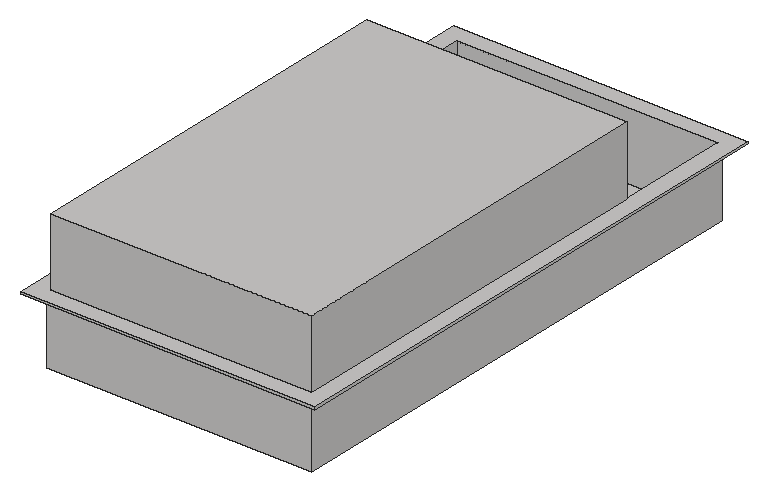
Revit family "RBA BIM - B3644", category Specialty Equipment, host Face, Revit 2013
Parameters (values of type "B-3644")
  Wall Recessed Depth [instance] = 0.100013 m
  URL = "www.rba.com.au"
  Product Page URL = ""
  Product Name = "Recessed Waste Receptacle"
  Model = "B-3644 Series"
  Manufacturer = "RBA Group"
  Keynote = "10 28 00.A1"
  Frame Material = Stainless Steel-Bobrick-Satin
  Default Elevation = 1.0668 m
  Assembly Code = "C1030210"
  ADA Compliant = yes
Reference planes (m)
  plane 1 "Center (Front/Back)": y = 0
  plane 2: z = 0
  plane 3 "Center (Left/Right)": x = 0
  plane 4: z = -0.100012
  plane 5: x = -0.192881
  plane 6: x = 0.192881
  plane 7: y = -0.752475
  plane 8: x = 0.218281
  plane 9: y = 0.0254
  plane 10: x = -0.218281
  plane 11: y = -0.777875
  plane 12: z = 0.003175
  plane 13: x = -0.196056
  plane 14: y = -0.75565
  plane 15: y = 0.003175
  plane 16: x = 0.196056
  plane 17: z = -0.096838
  plane 18: y = -0.168275
  plane 19: z = 0.104775
  plane 20: z = 0.1016
  plane 21: x = 0.189706
  plane 22: x = -0.189706
  plane 23: z = -0.093663
  plane 24: y = -0.7493
Forms (m)
  Extrusion 1, void
    sketch origin (0, 0, 0) x (1, 0, 0) y (0, 1, 0)
      loop
        line (-0.196056, 0.003175) -> (-0.196056, -0.75565) -> (0.196056, -0.75565) -> (0.196056, 0.003175) -> (-0.196056, 0.003175)
    from -0.100012 to 0
  Sweep 2, solid, material "Stainless Steel-Bobrick-Satin" <- "Frame Material"
    path origin (0, 0, 0) x (1, 0, 0) y (0, 1, 0)
      loop
        line (-0.192881, 0) -> (-0.192881, -0.752475) -> (0.192881, -0.752475) -> (0.192881, 0) -> (-0.192881, 0)
    profile origin (-0.192881, -0.376238, 0) x (-1, 0, 0) y (0, 0, 1)
      loop
        line (0.0254, 0.003175) -> (0, 0.003175) -> (0, -0.100012) -> (0.003175, -0.100012) -> (0.003175, 0) -> (0.0254, 0) -> (0.0254, 0.003175)
  Extrusion 3, solid, material "Stainless Steel-Bobrick-Satin" <- "Frame Material"
    sketch origin (0, 0, 0) x (1, 0, 0) y (0, 0, 1)
      loop
        line (0.192881, -0.100012) -> (0.192881, -0.096838) -> (-0.192881, -0.096838) -> (-0.192881, -0.100012) -> (0.192881, -0.100012)
    from 0 to 0.752475
  Extrusion 4, solid, material "Stainless Steel-Bobrick-Satin" <- "Frame Material"
    sketch origin (0, 0, 0) x (1, 0, 0) y (0, 0, 1)
      loop
        line (0.192881, 0.104775) -> (-0.192881, 0.104775) -> (-0.192881, -0.096838) -> (0.192881, -0.096838) -> (0.192881, 0.104775)
      loop
        line (0.189706, 0.1016) -> (-0.189706, 0.1016) -> (-0.189706, -0.093663) -> (0.189706, -0.093663) -> (0.189706, 0.1016)
    from 0.168275 to 0.752475
  Extrusion 5, solid, material "Stainless Steel-Bobrick-Satin" <- "Frame Material"
    sketch origin (0, 0, 0) x (1, 0, 0) y (0, 1, 0)
      loop
        line (-0.189706, -0.7493) -> (-0.189706, -0.752475) -> (0.189706, -0.752475) -> (0.189706, -0.7493) -> (-0.189706, -0.7493)
    from -0.093663 to 0.1016
Cuts and joins
  joined: Sweep 2, Extrusion 3
  joined: Extrusion 4, Extrusion 5
Lines and regions (m)
  Masking region 1
    outline origin (0, 0, 0) x (1, 0, 0) y (0, 0, 1)
      loop
        line (-0.218281, 0) -> (-0.196056, 0) -> (-0.196056, -0.100013) -> (0.196056, -0.100013) -> (0.196056, 0) -> (0.218281, 0) -> (0.218281, 0.003175) -> (0.192881, 0.003175) -> (0.192881, 0.104775) -> (-0.192881, 0.104775) -> (-0.192881, 0.003175) -> (-0.218281, 0.003175) -> (-0.218281, 0)
  Masking region 2
    outline origin (0, 0, 0) x (1, 0, 0) y (0, 1, 0)
      loop
        line (-0.218281, 0.0254) -> (-0.218281, -0.777875) -> (0.218281, -0.777875) -> (0.218281, 0.0254) -> (-0.218281, 0.0254)
  Masking region 3
    outline origin (0, 0, 0) x (0, 1, 0) y (0, 0, 1)
      loop
        line (0.0254, 0) -> (0.0254, 0.003175) -> (-0.168275, 0.003175) -> (-0.168275, 0.104775) -> (-0.752475, 0.104775) -> (-0.752475, 0.003175) -> (-0.777875, 0.003175) -> (-0.777875, 0) -> (0.0254, 0)
  symbolic lines, style "Restroom Accessories"
    curve 1: line (-0.192881, 0, 0.003175) -> (-0.192881, 0, 0)
    curve 2: line (0.192881, 0, 0.003175) -> (0.192881, 0, 0)
    curve 3: line (-0.189706, 0, -0.093663) -> (-0.189706, 0, 0.1016)
    curve 4: line (-0.189706, 0, 0.1016) -> (0.189706, 0, 0.1016)
    curve 5: line (0.189706, 0, 0.1016) -> (0.189706, 0, 0)
    curve 6: line (-0.189706, 0, -0.093663) -> (0.189706, 0, -0.093663)
    curve 7: line (0.189706, 0, -0.093663) -> (0.189706, 0, 0)
    curve 8: line (-0.192881, 0, 0) -> (-0.192881, 0, -0.096838)
    curve 9: line (-0.192881, 0, -0.096838) -> (0.192881, 0, -0.096838)
    curve 10: line (0.192881, 0, -0.096838) -> (0.192881, 0, 0)
    curve 11: line (0, -0.168275, 0.003175) -> (0, -0.752475, 0.003175)
    curve 12: line (-0.192881, 0, 0) -> (0.192881, 0, 0)
    curve 13: line (-0.192881, -0.752475, 0) -> (-0.192881, 0, 0)
    curve 14: line (0.192881, -0.752475, 0) -> (-0.192881, -0.752475, 0)
    curve 15: line (0.192881, 0, 0) -> (0.192881, -0.752475, 0)
    curve 16: line (-0.192881, -0.168275, 0) -> (0.192881, -0.168275, 0)
Dimensions and locks (m)
  "Wall Recessed Depth": level to plane 4
  equal spacing: plane 5, plane 3 "Center (Left/Right)", plane 6
  locked: plane 5 to plane 6 at 0.385762
  locked: plane 7 to plane 1 "Center (Front/Back)" at 0.752475
  locked: plane 10 to plane 5 at 0.0254
  locked: plane 6 to plane 8 at 0.0254
  locked: plane 1 "Center (Front/Back)" to plane 9 at 0.0254
  locked: plane 7 to plane 11 at 0.0254
  locked: host face to plane 12 at 0.003175
  locked: plane 1 "Center (Front/Back)" to plane 15 at 0.003175
  locked: plane 13 to plane 5 at 0.003175
  locked: plane 6 to plane 16 at 0.003175
  locked: plane 7 to plane 14 at 0.003175
  locked: plane 4 to plane 17 at 0.003175
  locked: plane 18 to plane 7 at 0.5842
  locked: level to plane 19 at 0.104775
  locked: plane 20 to plane 19 at 0.003175
  locked: plane 21 to plane 6 at 0.003175
  locked: plane 22 to plane 5 at 0.003175
  locked: plane 17 to plane 23 at 0.003175
  locked: plane 24 to plane 7 at 0.003175
  aligned and locked: plane 2 to host face
  aligned and locked: level to host face
  aligned and locked: level to Extrusion 1
  aligned and locked: Extrusion 1 to plane 4
  aligned: Extrusion 1 to plane 6
  aligned: Extrusion 1 to plane 5
  aligned: Extrusion 1 to plane 1 "Center (Front/Back)"
  aligned: Extrusion 1 to plane 7
  aligned and locked: plane 1 "Center (Front/Back)" to Sweep 2 sketch curve
  aligned and locked: plane 5 to Sweep 2 sketch curve
  aligned and locked: plane 7 to Sweep 2 sketch curve
  aligned and locked: plane 6 to Sweep 2 sketch curve
  aligned and locked: plane 12 to Sweep 2 sketch curve
  aligned and locked: Sweep 2 sketch curve to plane 10
  aligned and locked: Sweep 2 sketch curve to profile plane
  aligned and locked: profile plane to Sweep 2 sketch curve
  aligned and locked: Extrusion 1 to plane 16
  aligned and locked: Extrusion 1 to plane 13
  aligned and locked: Extrusion 1 to plane 15
  aligned and locked: Extrusion 1 to plane 14
  aligned and locked: plane 4 to Sweep 2 sketch curve
  aligned and locked: plane 13 to Sweep 2 sketch curve
  aligned and locked: Extrusion 3 sketch curve to Sweep 2
  aligned and locked: Sweep 2 to Extrusion 3 sketch curve
  aligned and locked: Extrusion 3 sketch curve to plane 17
  aligned and locked: plane 5 to Extrusion 3 sketch curve
  aligned and locked: Extrusion 3 to plane 1 "Center (Front/Back)"
  aligned and locked: Extrusion 3 to plane 7
  aligned and locked: plane 19 to Extrusion 4 sketch curve
  aligned and locked: Extrusion 4 sketch curve to cut or joined group of Sweep 2, Extrusion 3  (x2)
  aligned and locked: plane 6 to Extrusion 4 sketch curve
  aligned and locked: plane 20 to Extrusion 4 sketch curve
  aligned and locked: Extrusion 4 sketch curve to plane 21
  aligned and locked: Extrusion 4 sketch curve to plane 23
  aligned and locked: Extrusion 4 sketch curve to plane 22
  aligned and locked: plane 18 to Extrusion 4
  aligned and locked: Extrusion 4 to plane 7
  aligned and locked: Extrusion 5 sketch curve to plane 24
  aligned and locked: Extrusion 5 sketch curve to Extrusion 4
  aligned and locked: Extrusion 4 to Extrusion 5 sketch curve
  aligned and locked: plane 22 to Extrusion 5 sketch curve
  aligned and locked: Extrusion 5 to plane 23
  aligned and locked: plane 20 to Extrusion 5
  aligned and locked: Masking region 1 sketch curve to plane 19
  aligned and locked: plane 5 to Masking region 1 sketch curve
  aligned and locked: Masking region 1 sketch curve to plane 12  (x2)
  aligned and locked: plane 10 to Masking region 1 sketch curve
  aligned and locked: level to Masking region 1 sketch curve
  aligned and locked: plane 8 to Masking region 1 sketch curve
  aligned and locked: plane 6 to Masking region 1 sketch curve
  aligned and locked: cut or joined group of Extrusion 4, Extrusion 5 to curve 3
  aligned and locked: cut or joined group of Extrusion 4, Extrusion 5 to plane 20
  aligned and locked: curve 5 to cut or joined group of Extrusion 4, Extrusion 5
  aligned and locked: Masking region 1 sketch curve to plane 16
  aligned and locked: Masking region 1 sketch curve to plane 13
  aligned and locked: Masking region 1 sketch curve to plane 4
  aligned and locked: plane 21 to cut or joined group of Extrusion 4, Extrusion 5
  aligned and locked: plane 23 to cut or joined group of Extrusion 4, Extrusion 5
  aligned and locked: plane 22 to cut or joined group of Extrusion 4, Extrusion 5
  aligned and locked: cut or joined group of Extrusion 4, Extrusion 5 to plane 6
  aligned and locked: cut or joined group of Extrusion 4, Extrusion 5 to plane 17
  aligned and locked: cut or joined group of Extrusion 4, Extrusion 5 to plane 5
  aligned and locked: curve 12 to cut or joined group of Sweep 2, Extrusion 3
  aligned and locked: curve 13 to cut or joined group of Sweep 2, Extrusion 3
  aligned and locked: curve 14 to cut or joined group of Sweep 2, Extrusion 3
  aligned and locked: curve 15 to cut or joined group of Sweep 2, Extrusion 3
  aligned and locked: curve 16 to cut or joined group of Extrusion 4, Extrusion 5
  aligned and locked: Masking region 2 sketch curve to cut or joined group of Sweep 2, Extrusion 3  (x4)
  aligned and locked: Masking region 3 sketch curve to cut or joined group of Sweep 2, Extrusion 3  (x3)
  aligned and locked: cut or joined group of Sweep 2, Extrusion 3 to Masking region 3 sketch curve
  aligned and locked: cut or joined group of Extrusion 4, Extrusion 5 to Masking region 3 sketch curve
  aligned and locked: Masking region 3 sketch curve to cut or joined group of Extrusion 4, Extrusion 5  (x2)
  aligned and locked: Masking region 3 sketch curve to curve 11
Automatic sketch dimensions
  host sketch curve to host sketch curve = 2.4384 m
  host sketch curve to host sketch curve = 2.871936 m
  Extrusion 1 sketch curve to plane 3 "Center (Left/Right)" = 0.196056 m
  plane 3 "Center (Left/Right)" to Extrusion 1 sketch curve = 0.196056 m
  plane 1 "Center (Front/Back)" to Extrusion 1 sketch curve = 0.75565 m
  Extrusion 1 sketch curve to plane 1 "Center (Front/Back)" = 0.003175 m
  Masking region 1 sketch curve to level = 0.000 m
  curve 1 to level = 0.000 m
  curve 1 to plane 5 = 0.000 m
  plane 6 to curve 2 = 0.000 m
  curve 9 to plane 17 = 0.000 m
  curve 3 to plane 23 = 0.000 m
  curve 5 to level = 0.000 m
  curve 10 to level = 0.000 m
  curve 2 to plane 12 = 0.000 m
  curve 1 to plane 12 = 0.000 m
  curve 3 to plane 20 = 0.000 m
  curve 11 to plane 7 = 0.000 m
  curve 11 to plane 12 = 0.000 m
  curve 11 to plane 18 = 0.000 m
